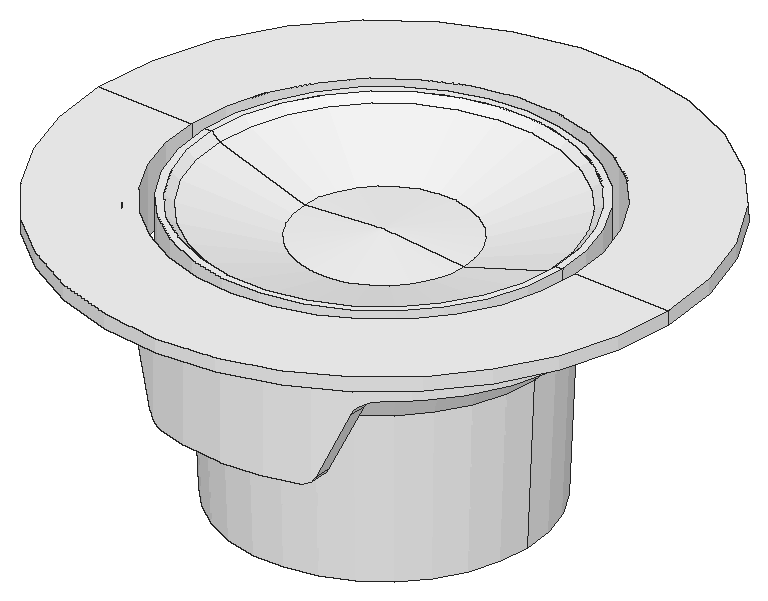
Revit family "0053584 Sylvania Lighting Fixture START SPOT LED DIM IP20 4000K ", category Lighting Fixtures, host Face, Revit 2016
Family settings
  Host = Face
  Part Type = Normal
  Round Connector Dimension = Use Diameter
  OmniClass Number = 23.80.70.00
  OmniClass Title = Lighting
  Cut with Voids When Loaded = No
  Light Source = No
  Shared = No
  Room Calculation Point = No
Parameters (values of type "0053584 START SPOT LED DIM IP20 4000K ")
  Weight = "4.032 kg"
  Wattage Comments = ""
  WarrantyStartDate [instance] = "n/a"
  WarrantyGuarantorParts = "n/a"
  WarrantyDurationUnit = "n/a"
  WarrantyDurationParts = "n/a"
  WarrantyDescription = "n/a"
  Voltage = 230 V
  VisibilityTop_FEILO = yes
  URL = "http://www.sylvania-lighting.com"
  TypeName = "START SPOT LED DIM IP20 4000K"
  TypeHead_FEILO = Start Spot IP20 Head : 0053584 START SPOT LED DIM IP20 4000K 
  Type Image = <None>
  Type Comments = "n/a"
  TiltAngle_FEILO [instance] = 0.00°
  SerialNumber [instance] = "n/a"
  RadiusOptics_FEILO = 98.5 mm
  RadiusDiffuser_FEILO = 14 mm
  RadiusCutout_FEILO = 36 mm
  Material_3_FEILO = none
  PowerFactor = 0
  PowerConsumption = "5.5 W"
  NominalLength = 41 mm
  NominalHeight = 41 mm
  NominalDepth = 86 mm
  Name = "START SPOT LED DIM IP20 4000K"
  ModelReference = Name  # "START SPOT LED DIM IP20 4000K"
  ModelNumber = "0053584"
  Model = Name  # "START SPOT LED DIM IP20 4000K"
  Material = "n/a"
  ManufacturerName = "Feilo Sylvania"
  Manufacturer = "Feilo Sylvania"
  LuminousEfficacy = "76 lm/W"
  LuminaireType = ""
  LightOutputRatio = "n/a"
  LampsType = Lamp  # "LED"
  LampNominalLuminous = "420 lm"
  LampMacAdamStep = "n/a"
  LampColourTemperature = "4000 K"
  LampColourRenderingIndex = "80"
  Lamp = "LED"
  Keynote = "16500"
  InstallationDate [instance] = "n/a"
  InputVoltage = "220-240V~"
  InputNominalFrequency = "50/60 Hz"
  IngressProtection = "IP20"
  ImpactProtectionIndex = "IK03"
  IfcExportType = "IfcLightFixtureType"
  IfcExportAs = "IfcLightFixtureType"
  HeightBezel_FEILO = 2 mm
  ExpectedLife = 50000
  EndAngle_FEILO [instance] = TiltAngle_FEILO + 180.00°  # 180.00°
  ElectricShockClassification = "Class II"
  DurationUnit = "hours"
  DocumentationLiterature = "http://www.sylvania-lighting.com/product/en-int/products/0053584"
  DimmingControlOptions = "n/a"
  Material_2_FEILO = LED-Sylvania-StartSpot
  DiameterBezel_FEILO = 86 mm
  Description = "Integrated dimmable LED IP20 adjustable downlight, RAL9016, 430LM, 5.5W, 4000K, 30 degree tilt, 38 degree beam angle, polycarbonate white body, low profile 41mm recessed depth, 86mm bezel diameter, 65-74mm cutout, clear lens"
  DepthDiffuser_FEILO = 5 mm
  Default Elevation = 1219.2 mm
  CreatedOn = "4/20/2018"
  CreatedBy = "aron.fodor@sylvania-lighting.com"
  Cost = 0
  built-in parameter 1114216 [instance] = (empty or 0)
  ClassificationValue = "EF_70_80"
  ClassificationName = "Uniclass2015"
  Material_1_FEILO = Body-Sylvania-StartSpot-White
  BarCode [instance] = "n/a"
  AssetType = "Fixed"
  AssetIdentifier [instance] = "n/a"
  Assembly Code = "D5020200"
  Apparent Load = 5.5 VA
  Material_4_FEILO = none
Reference planes
  plane 1 "Center (Front/Back)": y = 0
  plane 2: z = 0
  plane 3 "Center (Left/Right)": x = 0
  plane 4: x = -43
  plane 5: x = 43
  plane 6: z = 2
  plane 7: z = -8
  plane 8: z = -10
  plane 9: z = -13.5
  plane 10: z = -36.5
  plane 11: z = -55
  plane 12: z = -67.625
  plane 13: x = -19
  plane 14: x = -21.5
  plane 15: x = -24
  plane 16: x = -26
  plane 17: x = -31
  plane 18: x = -17
  plane 19: z = -20
  plane 20: z = -3
  plane 21: x = -14
  plane 22: x = -29
  plane 23: x = -23
  plane 24: x = -27.2
  plane 25: x = -26
  plane 26: z = 1
  plane 27: z = -2
  plane 28: x = -12
  plane 29: y = 43
  plane 30: y = 43
  plane 31: y = -43
  plane 32: x = 31
  plane 33: x = 12
  plane 34: x = 17
  plane 35: z = -7
  plane 36: x = -36
  plane 37: x = -28.2
Forms (mm)
  Revolve 1, solid, material "Body-Sylvania-StartSpot-White" <- "Material_1_FEILO"
    sketch origin (0, 0, 0) x (1, 0, 0) y (0, 0, 1)
      loop
        line (-29, 2) -> (-43, 2) -> (-43, 0) -> (-31, 0) -> (-31, -20) -> (-29, -20) -> (-29, 2)
      axis (0, 2) -> (0, -20)
    angle from 360 to 0
  Extrusion 2, void
    sketch origin (0, 0, 0) x (1, 0, 0) y (0, 0, 1)
      loop
        line (-31, -8) -> (-31, -20) -> (-10.333, -20)
        arc (-10.333, -20) -> (-11.72, -19.58) -> (-12.641, -18.462) r 2.5
        line (-12.641, -18.462) -> (-16.231, -9.846)
        arc (-16.231, -9.846) -> (-17.336, -8.504) -> (-19, -8) r 3
        line (-19, -8) -> (-31, -8)
      loop
        line (31, -8) -> (19, -8)
        arc (19, -8) -> (17.336, -8.504) -> (16.231, -9.846) r 3
        line (16.231, -9.846) -> (12.513, -18.769)
        arc (12.513, -18.769) -> (11.776, -19.664) -> (10.667, -20) r 2
        line (10.667, -20) -> (31, -20) -> (31, -8)
    from -43 to 43
  Revolve 3, void
    sketch origin (0, 0, 0) x (1, 0, 0) y (0, 0, 1)
      loop
        line (-36, 0) -> (-36, -67.625) -> (0, -67.625) -> (0, 0) -> (-36, 0)
      axis (0, 0) -> (0, -67.625)
    angle from 360 to 0
  Revolve 4, solid, not visible
    sketch origin (0, 0, 0) x (0, 1, 0) y (0, 0, 1)
      loop
        line (0, -13.5) -> (-12.534, -13.5) -> (-12.534, -17.399) -> (0, -17.399) -> (0, -13.5)
      axis (0, -13.5) -> (-12.534, -13.5)
    angle from 0 <- "TiltAngle_FEILO" to 180 <- "EndAngle_FEILO"
Cuts and joins
  Extrusion 2 cuts Revolve 1
Lines and regions (mm)
  reference lines
    curve 1: line (-17, 0, -8) -> (-12, 0, -20)
    curve 2: line (17, 0, -8) -> (12, 0, -20)
Dimensions and locks
  equal spacing: plane 5, plane 3 "Center (Left/Right)", plane 4
  "DiameterBezel_FEILO": plane 5 to plane 4
  "HeightBezel_FEILO": plane 6 to plane 2
  plane 3 "Center (Left/Right)" to plane 13 to plane 14 to plane 15 to plane 16 to plane 17 to plane 4 = 19 mm, 2.5 mm, 2.5 mm, 2 mm, 5 mm, 12 mm
  plane 2 to plane 7 to plane 8 to plane 9 to plane 19 to plane 10 to plane 11 to plane 12 = 8 mm locked, 2 mm locked, 3.5 mm locked, 6.5 mm locked, 16.5 mm locked, 18.5 mm locked, 12.625 mm locked
  "DepthDiffuser_FEILO": plane 6 to plane 20
  "RadiusDiffuser_FEILO": plane 3 "Center (Left/Right)" to plane 21
  locked: plane 22 to plane 17 at 2
  locked: plane 23 to plane 15 at 1
  locked: plane 25 to plane 24 at 1.2
  locked: plane 6 to plane 26 at 1
  locked: plane 27 to plane 20 at 1
  locked: plane 3 "Center (Left/Right)" to plane 28 at 12
  equal spacing: plane 31, plane 1 "Center (Front/Back)", plane 30
  "DiameterBezel_FEILO": plane 31 to plane 30
  locked: plane 32 to plane 3 "Center (Left/Right)" at 31
  locked: plane 33 to plane 3 "Center (Left/Right)" at 12
  locked: plane 34 to plane 3 "Center (Left/Right)" at 17
  locked: plane 6 to plane 35 at 9
  "RadiusCutout_FEILO": plane 3 "Center (Left/Right)" to plane 36
  locked: plane 24 to plane 37 at 1
  aligned and locked: plane 2 to host face
  aligned and locked: level to host face
  aligned and locked: Revolve 1 sketch curve to plane 3 "Center (Left/Right)"
  aligned and locked: Revolve 1 sketch curve to plane 17
  aligned and locked: plane 7 to curve 1
  aligned and locked: plane 18 to curve 1
  aligned and locked: plane 28 to curve 1
  aligned and locked: plane 19 to curve 1
  aligned and locked: plane 7 to Extrusion 2 sketch curve  (x2)
  aligned and locked: curve 1 to Extrusion 2 sketch curve
  aligned and locked: Extrusion 2 sketch curve to Revolve 1
  aligned and locked: plane 7 to curve 2
  aligned and locked: plane 19 to curve 2
  aligned and locked: Extrusion 2 sketch curve to plane 32
  aligned and locked: Extrusion 2 sketch curve to curve 2
  aligned and locked: plane 19 to Extrusion 2 sketch curve
  aligned and locked: Extrusion 2 sketch curve to plane 19
  aligned and locked: Revolve 3 sketch curve to level
  aligned and locked: Revolve 3 sketch curve to plane 3 "Center (Left/Right)"  (x2)
  aligned and locked: plane 36 to Revolve 3 sketch curve
  aligned and locked: plane 25 to plane 16
  aligned and locked: Revolve 1 sketch curve to plane 6
  aligned and locked: Revolve 1 sketch curve to plane 22
  aligned and locked: Revolve 4 sketch curve to plane 9  (x2)
  aligned and locked: Revolve 4 sketch curve to plane 1 "Center (Front/Back)"
  aligned and locked: Revolve 3 sketch curve to plane 12
  aligned and locked: nested 2 to plane 1 "Center (Front/Back)"
Automatic sketch dimensions
  host sketch curve to host sketch curve = 2438.4 mm  (x2)
  curve 2 to plane 33 = 0 mm
  curve 2 to plane 34 = 0 mm
  Extrusion 2 sketch curve to plane 13 = 0 mm
  Extrusion 2 sketch curve to plane 8 = 0.154 mm  (x2)
  Extrusion 2 sketch curve to plane 28 = 0.641 mm
  plane 28 to Extrusion 2 sketch curve = 1.667 mm
  Extrusion 2 sketch curve to plane 33 = 1.333 mm
  plane 33 to Extrusion 2 sketch curve = 0.513 mm
  plane 34 to Extrusion 2 sketch curve = 2 mm
  Revolve 1 sketch curve to plane 4 = 0 mm
  Revolve 1 sketch curve to plane 19 = 0 mm
  Revolve 1 sketch curve to level = 0 mm
  plane 12 to Revolve 1 sketch curve = 551.6 mm
  Revolve 1 sketch curve to plane 6 = 2606.058 mm
  Revolve 4 sketch curve to plane 19 = 2.601 mm
  plane 1 "Center (Front/Back)" to Revolve 4 sketch curve = 12.534 mm
  plane 31 to Revolve 4 sketch curve = 2511.941 mm
  Revolve 4 sketch curve to plane 29 = 2054.409 mm
  plane 12 to Revolve 3 sketch curve = 551.6 mm
  Revolve 3 sketch curve to plane 6 = 2607.058 mm
Nested families
  nested 1: "Start Spot tilt connector" at (0, -6.841, -11.913) x (0, 0, 1) z (1, 0, 0), type "Type Name"
  nested 2: "Start Spot IP20 Head" at (0, 0, -0.013) x (-1, 0, 0) z (0, 0, 1), type <- "TypeHead_FEILO", type "0053584 START SPOT LED DIM IP20 4000K "
    with built-in parameter 1114216 (empty or 0)
Connectors
  electrical at (0, 0, 0), driven by "Apparent Load", driven by "PowerFactor", driven by "Voltage"
    settings: index 1, voltage 230 V, apparent load 5.5 VA, apparent load phase1 0 VA, apparent load phase2 0 VA, apparent load phase3 0 VA, power factor 0, load classification "Lighting", number of poles 1, system type 30, power factor state 1, is connector primary yes, connector utility no, sub classification motor no, connector description ""
Definition of nested family "Start Spot IP20 Head"
  Parameters (values of type "0053578 START SPOT LED IP20 4000K 3PK")
    Wattage Comments = ""
    Wattage = 5 W
    built-in parameter 1150110 = 1 (stored number, unit not read)
    VisibilityTop_FEILO = yes
    URL = "http://www.sylvania-lighting.com"
    Type Image = (empty or 0)
    Type Comments = "n/a"
    built-in parameter 1114217 = 1 (stored number, unit not read)
    Tilt Angle = -90.00°
    built-in parameter 1150109 = 1 (stored number, unit not read)
    built-in parameter 1150134 = 12
    built-in parameter 1150113 = 1 (stored number, unit not read)
    RadiusOptics_FEILO = 98.5 mm
    RadiusFilletTop_FEILO = 2.509 mm
    RadiusDiffuser_FEILO = 14 mm
    RadiusCutout_FEILO = 36 mm
    Photometric Web File = "0053544.ies"
    Material_3_FEILO = none
    Model = "START SPOT LED IP20 4000K 3PK"
    Manufacturer = "Feilo Sylvania"
    LuminousEfficacy = "84 lm/W"
    built-in parameter 1150105 = 732.03 (stored number, unit not read)
    Lumens = 420 lm
    built-in parameter 1150115 = 1 (stored number, unit not read)
    LightOutputRatio = "100"
    built-in parameter 1150137 = (empty or 0)
    built-in parameter 1150139 = (empty or 0)
    LampNominalLuminous = "420 lm"
    LampMacAdamStep = "n/a"
    LampColourTemperature = "4000 K"
    LampColourRenderingIndex = "80"
    built-in parameter 1150112 = 1 (stored number, unit not read)
    built-in parameter 1150114 = 1 (stored number, unit not read)
    Lamp = "LED"
    Keynote = "16500"
    built-in parameter 1150132 = (empty or 0)
    built-in parameter 1150102 = (empty or 0)
    built-in parameter 1150107 = 4000 (stored number, unit not read)
    built-in parameter 1150138 = (empty or 0)
    built-in parameter 1150106 = 7.3203 (stored number, unit not read)
    HeightBezel_FEILO = 2 mm
    Emit from Circle Diameter = 24 mm
    Emit Shape Visible in Rendering = no
    built-in parameter 1150104 = 7.8039 (stored number, unit not read)
    Material_2_FEILO = none
    Dimming Lamp Color Temperature Shift = (empty or 0)
    DiameterBezel_FEILO = 86 mm
    Description = "Integrated LED IP20 adjustable downlight, RAL9016, 430LM, 5W, 4000K, 30 degree tilt, 38 degree beam angle, polycarbonate white body, low profile 41mm recessed depth, 86mm bezel diameter, 68-74mm cutout, clear lens."
    DepthDiffuser_FEILO = 5 mm
    Default Elevation = 1219.2 mm
    Cost = 0
    Color Filter = 16777215
    built-in parameter 1114216 [instance] = (empty or 0)
    Material_1_FEILO = none
    built-in parameter 1114218 = 1 (stored number, unit not read)
    built-in parameter 1150133 = 10 (stored number, unit not read)
    Assembly Code = "D5020200"
    Apparent Load = 5 VA
    Material_4_FEILO = none
  Types (7, lengths in mm): name | Wattage | VisibilityTop_FEILO | built-in parameter 1150134 | Photometric Web File | Model | LuminousEfficacy | built-in parameter 1150105 | Lumens | LightOutputRatio | LampNominalLuminous | LampColourTemperature | built-in parameter 1150107 | built-in parameter 1150106 | built-in parameter 1150104 | Description | Apparent Load
    0053578 START SPOT LED IP20 4000K 3PK | 5 W | yes | 12 | "0053544.ies" | "START SPOT LED IP20 4000K 3PK" | "84 lm/W" | 732.03 (stored number, unit not read) | 420 lm | "100" | "420 lm" | "4000 K" | 4000 (stored number, unit not read) | 7.3203 (stored number, unit not read) | 7.8039 (stored number, unit not read) | "Integrated LED IP20 adjustable downlight, RAL9016, 430LM, 5W, 4000K, 30 degree tilt, 38 degree beam angle, polycarbonate white body, low profile 41mm recessed depth, 86mm bezel diameter, 68-74mm cutout, clear lens." | 5 VA
    0053543 START SPOT LED IP20 3000K | 5 W | yes | (empty or 0) | "0053543.ies" | "START SPOT LED IP20 3000K" | "80 lm/W" | 560.2 (stored number, unit not read) | 400 lm | "100" | "400 lm" | "3000 K" | 3000 (stored number, unit not read) | 5.602 (stored number, unit not read) | 7.4322 (stored number, unit not read) | "Integrated LED IP20 adjustable downlight, RAL9016, 400LM, 5W, 3000K, 30 degree tilt, 38 degree beam angle, polycarbonate white body, low profile 41mm recessed depth, 86mm bezel diameter, 68-74mm cutout, clear lens." | 5 VA
    0053544 START SPOT LED IP20 4000K | 5 W | yes | 12 | "0053544.ies" | "START SPOT LED IP20 4000K" | "84 lm/W" | 732.03 (stored number, unit not read) | 420 lm | "100" | "420 lm" | "4000 K" | 4000 (stored number, unit not read) | 7.3203 (stored number, unit not read) | 7.8039 (stored number, unit not read) | "Integrated LED IP20 adjustable downlight, RAL9016, 430LM, 5W, 4000K, 30 degree tilt, 38 degree beam angle, polycarbonate white body, low profile 41mm recessed depth, 86mm bezel diameter, 68-74mm cutout, clear lens." | 5 VA
    0053547 START SPOT LED IP20 6500K | 5 W | no | 1 | "0053547.ies" | "START SPOT LED IP20 6500K" | "84 lm/W" | 866.26 (stored number, unit not read) | 420 lm | "n/a" | "420 lm" | "6500 K" | 6500 (stored number, unit not read) | 8.6626 (stored number, unit not read) | 7.8039 (stored number, unit not read) | "Integrated LED IP20 adjustable downlight, RAL9016, 430LM, 5W, 6500K, 30 degree tilt, 38 degree beam angle, polycarbonate white body, low profile 41mm recessed depth, 86mm bezel diameter, 65-74mm cutout, clear lens" | 5 VA
    0053583 START SPOT LED DIM IP20 3000K | 5.5 W | no | (empty or 0) | "0053583.ies" | "START SPOT LED DIM IP20 3000K" | "73 lm/W" | 853.53 (stored number, unit not read) | 401.5 lm | "n/a" | "400 lm" | "3000 K" | 3000 (stored number, unit not read) | 8.5353 (stored number, unit not read) | 6.7819 (stored number, unit not read) | "Integrated dimmable LED IP20 adjustable downlight, RAL9016, 400LM, 5.5W, 3000K, 30 degree tilt, 38 degree beam angle, polycarbonate white body, low profile 41mm recessed depth, 86mm bezel diameter, 65-74mm cutout, clear lens" | 5.5 VA
    0053584 START SPOT LED DIM IP20 4000K | 5.5 W | no | 12 | "0053584.ies" | "START SPOT LED DIM IP20 4000K" | "76 lm/W" | 855.36 (stored number, unit not read) | 418 lm | "n/a" | "420 lm" | "4000 K" | 4000 (stored number, unit not read) | 8.5536 (stored number, unit not read) | 7.0606 (stored number, unit not read) | "Integrated dimmable LED IP20 adjustable downlight, RAL9016, 430LM, 5.5W, 4000K, 30 degree tilt, 38 degree beam angle, polycarbonate white body, low profile 41mm recessed depth, 86mm bezel diameter, 65-74mm cutout, clear lens" | 5.5 VA
    0053585 START SPOT LED DIM IP20 6500K | 5.5 W | no | 1 | "0053585.ies" | "START SPOT LED DIM IP20 6500K" | "76 lm/W" | 871.62 (stored number, unit not read) | 418 lm | "n/a" | "420 lm" | "6500 K" | 6500 (stored number, unit not read) | 8.7162 (stored number, unit not read) | 7.0606 (stored number, unit not read) | "Integrated dimmable LED IP20 adjustable downlight, RAL9016, 430LM, 5.5W, 6500K, 30 degree tilt, 38 degree beam angle, polycarbonate white body, low profile 41mm recessed depth, 86mm bezel diameter, 65-74mm cutout, clear lens" | 5.5 VA
  Reference planes
    plane 1 "Center (Front/Back)": y = 0
    plane 2: z = 0
    plane 3 "Center (Left/Right)": x = 0
    plane 4: z = 2
    plane 5: z = -9
    plane 6: z = -11
    plane 7: z = -14.5
    plane 8: z = -37.5
    plane 9: z = -56
    plane 10: z = -58
    plane 11: x = -19
    plane 12: x = -20.3
    plane 13: x = -22.8
    plane 14: x = -24.8
    plane 15: z = -21
    plane 16: z = -3
    plane 17: x = -21.8
    plane 18: x = -26
    plane 19: x = -24.8
    plane 20: z = 1
    plane 21: z = -2
    plane 22: x = -12
    plane 23: y = 43
    plane 24: y = 43
    plane 25: y = -43
    plane 26: z = -7
    plane 27: x = -27
  Forms (mm)
    Extrusion 1, solid
      sketch origin (4.2, 0, 0) x (1, 0, 0) y (0, 1, 0)
        loop
          line (-1219.2, 1219.2) -> (-1219.2, -1219.2) -> (1219.2, -1219.2) -> (1219.2, 1219.2) -> (-1219.2, 1219.2)
      from 0 to -68.017
    Revolve 2, solid, material <- "Material_1_FEILO"
      sketch origin (0, 0, 0) x (1, 0, 0) y (0, 0, 1)
        loop
          line (-24.8, -7) -> (-24.8, -11) -> (-22.8, -14.5) -> (-21.8, -37.5) -> (0, -37.5) -> (0, -2)
          arc (0, -2) -> (-6.021, -2.25) -> (-12, -3) r 72.5
          line (-12, -3) -> (-24.8, 1) -> (-26, 2) -> (-27, 2) -> (-27, -7) -> (-24.8, -7)
        axis (0, 2) -> (0, -37.5)
      angle from 360 to 0
    Revolve 3, solid, material <- "Material_1_FEILO", visible <- "VisibilityTop_FEILO"
      sketch origin (0, 0, 0) x (1, 0, 0) y (0, 0, 1)
        loop
          line (0, -37.5) -> (-21.8, -37.5) -> (-20.3, -56)
          arc (-20.3, -56) -> (-19.903, -57.164) -> (-19, -58) r 2.509
          line (-19, -58) -> (0, -58) -> (0, -37.5)
        axis (0, -37.5) -> (0, -58)
      angle from 360 to 0
  Dimensions and locks
    "HeightBezel_FEILO": plane 4 to plane 2
    plane 2 to plane 5 to plane 6 to plane 7 to plane 15 to plane 8 to plane 9 to plane 10 = 9 mm locked, 2 mm locked, 3.5 mm locked, 6.5 mm locked, 16.5 mm locked, 18.5 mm locked, 2 mm locked
    "DepthDiffuser_FEILO": plane 4 to plane 16
    locked: plane 4 to plane 20 at 1
    locked: plane 21 to plane 16 at 1
    equal spacing: plane 25, plane 1 "Center (Front/Back)", plane 24
    "DiameterBezel_FEILO": plane 25 to plane 24
    locked: plane 4 to plane 26 at 9
    locked: plane 3 "Center (Left/Right)" to plane 27 at 27
    plane 11 to plane 12 to plane 17 to plane 13 to plane 19 to plane 18 to plane 27 = 1.3 mm, 1.5 mm locked, 1 mm locked, 2 mm locked, 1.2 mm locked, 1 mm locked
    locked: plane 3 "Center (Left/Right)" to plane 22 at 12
    locked: Revolve 3 sketch curve to plane 10 at 2.203
    locked: plane 3 "Center (Left/Right)" to Revolve 3 sketch curve at 17.8
    "RadiusFilletTop_FEILO": radius of Revolve 3 sketch curve
    aligned and locked: plane 2 to Extrusion 1
    aligned and locked: level to Extrusion 1
    aligned and locked: Revolve 2 sketch curve to plane 3 "Center (Left/Right)"
    aligned and locked: plane 6 to Revolve 2 sketch curve
    aligned and locked: Revolve 2 sketch curve to plane 14
    aligned and locked: plane 7 to Revolve 2 sketch curve
    aligned and locked: plane 17 to Revolve 2 sketch curve
    aligned and locked: plane 8 to Revolve 2 sketch curve
    aligned and locked: plane 3 "Center (Left/Right)" to Revolve 2 sketch curve  (x2)
    aligned and locked: Revolve 3 sketch curve to plane 3 "Center (Left/Right)"
    aligned and locked: plane 3 "Center (Left/Right)" to Revolve 3 sketch curve  (x2)
    aligned and locked: Revolve 3 sketch curve to Revolve 2  (x2)
    aligned and locked: plane 12 to Revolve 3 sketch curve
    aligned and locked: plane 11 to Revolve 3 sketch curve
    aligned and locked: plane 19 to plane 14
    aligned and locked: plane 14 to Revolve 2 sketch curve
    aligned and locked: plane 18 to Revolve 2 sketch curve
    aligned and locked: Revolve 2 sketch curve to plane 4
    aligned and locked: Revolve 2 sketch curve to plane 27
    aligned and locked: plane 26 to Revolve 2 sketch curve
    aligned and locked: plane 3 "Center (Left/Right)" to imposter light
    aligned and locked: imposter light to plane 21
    aligned and locked: plane 21 to Revolve 2 sketch curve
    aligned and locked: plane 22 to Revolve 2 sketch curve
    aligned and locked: plane 16 to Revolve 2 sketch curve
  Automatic sketch dimensions
    Extrusion 1 sketch curve to Extrusion 1 sketch curve = 2438.4 mm  (x2)
    Revolve 2 sketch curve to plane 13 = 0 mm
    Revolve 2 sketch curve to plane 20 = 0 mm
    Revolve 2 sketch curve to Revolve 2 sketch curve = 535.1 mm
    Revolve 2 sketch curve to plane 4 = 2607.058 mm
    plane 10 to Revolve 3 sketch curve = 551.6 mm
    Revolve 3 sketch curve to plane 4 = 2607.058 mm
  Connectors
    electrical at (0, 0, 0), driven by "Apparent Load"
      settings: index 1, voltage 0 V, apparent load 5 VA, apparent load phase1 0 VA, apparent load phase2 0 VA, apparent load phase3 0 VA, power factor 0, load classification none, number of poles 1, system type 30, power factor state 1, is connector primary yes, connector utility no, sub classification motor no, connector description ""
Definition of nested family "Start Spot tilt connector"
  Parameters (values of type "Type Name")
    URL = "http://www.feilosylvania.com"
    Type Image = (empty or 0)
    Type Comments = "n/a"
    Material_3_FEILO = none
    Model = ""
    Manufacturer = "Feilo Sylvania"
    Keynote = ""
    Material_2_FEILO = none
    Description = ""
    Default Elevation = 1219.2 mm
    Cost = 0
    Material_1_FEILO = none
    Assembly Code = ""
    Material_4_FEILO = none
  Reference planes
    plane 1 "Center (Front/Back)": y = 0
    plane 2: z = 0
    plane 3 "Center (Left/Right)": x = 0
    plane 4: x = 11.9
    plane 5: z = 2
    plane 6: x = 13.9
    plane 7: z = 4.937
    plane 8: y = -3
    plane 9: y = 3
  Forms (mm)
    Extrusion 1, solid
      sketch origin (4.2, 0, 0) x (1, 0, 0) y (0, 1, 0)
        loop
          line (-1219.2, 1219.2) -> (-1219.2, -1219.2) -> (1219.2, -1219.2) -> (1219.2, 1219.2) -> (-1219.2, 1219.2)
      from 0 to -68.017
    Extrusion 2, solid, not visible
      sketch origin (0, 0, 0) x (1, 0, 0) y (0, 0, 1)
        loop
          line (0, 0) -> (13.9, 0) -> (13.9, 4.937) -> (11.9, 4.937) -> (11.9, 2) -> (0, 2) -> (0, 0)
      from -3 to 3
  Dimensions and locks
    locked: plane 4 to plane 3 "Center (Left/Right)" at 11.9
    locked: plane 5 to plane 2 at 2
    locked: plane 6 to plane 4 at 2
    locked: plane 7 to plane 5 at 2.938
    plane 8 to plane 1 "Center (Front/Back)" to plane 9 = 3 mm locked, 3 mm locked
    aligned and locked: plane 2 to Extrusion 1
    aligned and locked: level to Extrusion 1
    aligned and locked: Extrusion 2 sketch curve to plane 4
    aligned and locked: plane 6 to Extrusion 2 sketch curve
    aligned and locked: Extrusion 2 sketch curve to plane 5
    aligned and locked: Extrusion 2 to plane 7
    aligned and locked: Extrusion 2 to plane 4
    aligned and locked: plane 8 to Extrusion 2
    aligned and locked: Extrusion 2 to plane 9
